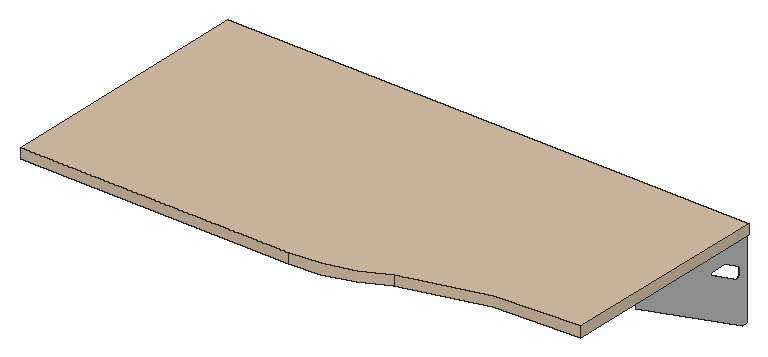
Revit family "Haworth_Compose_Worksurface_TransitionRectangular", category Furniture Systems, Revit 2018
Family settings
  Round Connector Dimension = Use Diameter
  Part Type = Normal
  OmniClass Number = 23.40.70.14.64.21
  OmniClass Title = Systems Furniture
  Work Plane-Based = No
  Always vertical = Yes
  Cut with Voids When Loaded = No
  Shared = No
  Room Calculation Point = No
Parameters (values of type "60w 24/30d")
  Worksurface Finish = Haworth _ Laminate _ Maple H-AE
  Worksurface Edge Finish = Haworth _ Laminate _ Maple H-AE
  Width = 60"
  Warranty = "http://www.haworth.com/resources/product-info/warranties"
  URL - Product = "http://www.haworth.com/products/workspaces/panel-based/compose"
  Transition Depth = Long Side Depth - Short Side Depth  # 6"
  Top Thickness = 1 3/16"  # constant formula
  Sustainability Info = "https://www.haworth.com/na/en/expertise/sustainability.html"
  Support Right [instance] = and(Right Leg, or(Support Panel, Support Post_90 Degree, Support Post_45 Degree, Support P Leg, Support Column, Cantilever Bracket))  # yes
  Support Post_90 Degree = no
  Support Post_45 Degree = no
  Support Panel = not(or(Support Post_90 Degree, Support Post_45 Degree, Support P Leg, Support Column, Cantilever Bracket))  # no
  Support P Leg = no
  Support Location_Side = if(Support Panel, 3/4", if(or(Support Post_90 Degree, Support Post_45 Degree), 3", if(Support Column, 6", if(Cantilever Bracket, 1 3/4", 1 3/4"))))  # 1 3/4"
  Support Location_Front_Back = 3"  # constant formula
  Support Left [instance] = and(Left Leg, or(Support Panel, Support Post_90 Degree, Support Post_45 Degree, Support P Leg, Support Column, Cantilever Bracket))  # yes
  Support Height = Actual Height - Top Thickness  # 27 13/16"
  Support Finish = Haworth _ Paint _ Metallic Champagne
  Support Column = no
  Short Side Depth = if([18in_24in Worksurface], 18", 24")  # 24"
  Right Leg [instance] = yes
  Radius 2 Center = if(Radius 2 = 30", 23 15/16", 41 123/128")  # 41 123/128"
  Radius 2 = if(or(Width = 42", and(Width > 42", Width < 60"), Width = 60"), 48", 30")  # 48"
  Radius 1 = if(or(Width = 42", and(Width > 42", Width < 60"), Width = 60"), 19", 12")  # 19"
  No Legs [instance] = not(or(Left Leg, Right Leg))  # no
  Model = "WURT"  # constant formula
  Min. Width = 24"  # constant formula
  Min. Height = 26"  # constant formula
  Max. Width = 60"  # constant formula
  Max. Height = 32"  # constant formula
  Long Side Depth = if([18in_24in Worksurface], 24", 30")  # 30"
  Left Leg [instance] = yes
  Height = 29"
  URL = "www.haworth.com"
  Size = "Verify Final Dim. w/ Haworth"  # constant formula
  Revision Number = "4"  # constant formula
  Min/Max Width = "24-60 in. @ 6 in. increments"  # constant formula
  Min/Max Height = "26-32 in."  # constant formula
  Manufacturer = "Haworth"  # constant formula
  End Support Location = if(Support Panel, 3/4", 1 3/4")  # 1 3/4"
  Description = "Haworth - Worksurface - Compose Transition - Rectangular"  # constant formula
  Custom Size = not(or(Width = 24", Width = 30", Width = 36", Width = 42", Width = 48", Width = 54", Width = 60"))  # no
  Cantilever Bracket Location = 1 3/4"  # constant formula
  Cantilever Bracket = yes
  Author = "SHAPE Environments, LLC"  # constant formula
  Assembly Code = "E2020200"
  Standard Depths = "18/24 in., 24/30 in."  # constant formula
  Actual Width = if(Width > Max. Width, Max. Width, if(Width < Min. Width, Min. Width, Width))  # 60"
  Actual Height = if(Height > Max. Height, Max. Height, if(Height < Min. Height, Min. Height, Height))  # 29"
  24in_30in Worksurface = not([18in_24in Worksurface])  # yes
  18in_24in Worksurface = no
Types (14): name | Width | Short Side Depth | Radius 2 Center | Radius 2 | Radius 1 | Long Side Depth | Actual Width | 24in_30in Worksurface | 18in_24in Worksurface
  60w 24/30d | 60" | 24" | 41 123/128" | 48" | 19" | 30" | 60" | yes | no
  54w 24/30d | 54" | 24" | 41 123/128" | 48" | 19" | 30" | 54" | yes | no
  48w 24/30d | 48" | 24" | 41 123/128" | 48" | 19" | 30" | 48" | yes | no
  42w 24/30d | 42" | 24" | 41 123/128" | 48" | 19" | 30" | 42" | yes | no
  36w 24/30d | 36" | 24" | 23 15/16" | 30" | 12" | 30" | 36" | yes | no
  30w 24/30d | 30" | 24" | 23 15/16" | 30" | 12" | 30" | 30" | yes | no
  24w 24/30d | 24" | 24" | 23 15/16" | 30" | 12" | 30" | 24" | yes | no
  60w 18/24d | 60" | 18" | 41 123/128" | 48" | 19" | 24" | 60" | no | yes
  54w 18/24d | 54" | 18" | 41 123/128" | 48" | 19" | 24" | 54" | no | yes
  48w 18/24d | 48" | 18" | 41 123/128" | 48" | 19" | 24" | 48" | no | yes
  42w 18/24d | 42" | 18" | 41 123/128" | 48" | 19" | 24" | 42" | no | yes
  36w 18/24d | 36" | 18" | 23 15/16" | 30" | 12" | 24" | 36" | no | yes
  30w 18/24d | 30" | 18" | 23 15/16" | 30" | 12" | 24" | 30" | no | yes
  24w 18/24d | 24" | 18" | 23 15/16" | 30" | 12" | 24" | 24" | no | yes
Reference planes (in)
  plane 1 "Center F/B": y = -6
  plane 2 "Floor": z = 0
  plane 3 "Center L/R": x = -0.75
  plane 4 "Table Edge Right": x = 29.25
  plane 5 "Table Edge Back": y = -15
  plane 6 "Table Edge Front": y = 9
  plane 7 "Table Top": z = 29
  plane 8 "Table Bottom": z = 27.8125
  plane 9 "Table Edge Left": x = -30.75
  plane 10: y = -21
  plane 11 "masking region": z = 27
  plane 12 "Short Side Centerline": y = -3
  plane 13 "Back Support Location": y = 6
  plane 14 "Short Side Support Location": x = 27.5
  plane 15 "Long Side Support Location": x = -29
  plane 16 "Front Support Location_Long Side": y = -18
  plane 17 "Front Support Location_Short Side": y = -12
  plane 18: x = 27.30872
  plane 19: y = -62.96094
Forms (in)
  Extrusion 1, solid, material "Haworth _ Laminate _ Maple H-AE" <- "Worksurface Finish"
    sketch origin (0, 0, 27.8125) x (0, -1, 0) y (1, 0, 0)
      loop
        line (-9, 29.25) -> (-9, -30.75) -> (21, -30.75) -> (21, 0.24851)
        arc (21, 0.24851) -> (20.28877, 5.39837) -> (18.20831, 10.16267) r 19
        arc (18.20831, 10.16267) -> (15.68541, 19.54843) -> (15.10486, 29.25) r 48
        line (15.10486, 29.25) -> (-9, 29.25)
    from 0 to 1.1875
Lines and regions (in)
  Masking region 1
    outline origin (0, 0, 0) x (1, 0, 0) y (0, 1, 0)
      loop
        line (29.25, 9) -> (-30.75, 9) -> (-30.75, -21) -> (0.24851, -21)
        arc (0.24851, -21) -> (5.39837, -20.28877) -> (10.16267, -18.20831) r 19
        arc (10.16267, -18.20831) -> (19.54843, -15.68541) -> (29.25, -15.10486) r 48
        line (29.25, -15.10486) -> (29.25, 9)
Dimensions and locks (in)
  "Actual Height": plane 7 "Table Top" to level
  "Top Thickness": plane 7 "Table Top" to plane 8 "Table Bottom"
  "Transition Depth": plane 5 "Table Edge Back" to plane 10
  "Actual Width": plane 9 "Table Edge Left" to plane 4 "Table Edge Right"
  equal spacing: plane 9 "Table Edge Left", plane 3 "Center L/R", plane 4 "Table Edge Right"
  locked: plane 7 "Table Top" to plane 11 "masking region" at 2
  equal spacing: plane 6 "Table Edge Front", plane 1 "Center F/B", plane 10
  "Long Side Depth": plane 6 "Table Edge Front" to plane 10
  equal spacing: plane 6 "Table Edge Front", plane 12 "Short Side Centerline", plane 5 "Table Edge Back"
  "Support Location_Side": plane 9 "Table Edge Left" to plane 15 "Long Side Support Location"
  "Support Location_Side": plane 14 "Short Side Support Location" to plane 4 "Table Edge Right"
  "Support Location_Front_Back": plane 17 "Front Support Location_Short Side" to plane 5 "Table Edge Back"
  "Support Location_Front_Back": plane 16 "Front Support Location_Long Side" to plane 10
  "Support Location_Front_Back": plane 6 "Table Edge Front" to plane 13 "Back Support Location"
  locked: plane 18 to plane 4 "Table Edge Right" at 1.94128
  "Radius 2 Center": plane 10 to plane 19
  "Radius 1": radius of Extrusion 1 sketch curve
  "Radius 2": radius of Extrusion 1 sketch curve
  aligned and locked: Extrusion 1 sketch curve to plane 4 "Table Edge Right"
  aligned and locked: Extrusion 1 sketch curve to plane 6 "Table Edge Front"
  aligned: Extrusion 1 to plane 9 "Table Edge Left"
  aligned and locked: plane 15 "Long Side Support Location" to nested 1
  aligned and locked: nested 1 to plane 1 "Center F/B"
  aligned and locked: plane 14 "Short Side Support Location" to nested 2
  aligned and locked: plane 12 "Short Side Centerline" to nested 2
  aligned and locked: plane 15 "Long Side Support Location" to nested 3
  aligned and locked: nested 3 to plane 13 "Back Support Location"
  aligned and locked: plane 15 "Long Side Support Location" to nested 4
  aligned and locked: nested 4 to plane 16 "Front Support Location_Long Side"
  aligned and locked: nested 5 to plane 13 "Back Support Location"
  aligned and locked: plane 14 "Short Side Support Location" to nested 5
  aligned and locked: plane 17 "Front Support Location_Short Side" to nested 6
  aligned and locked: plane 14 "Short Side Support Location" to nested 6
  aligned and locked: nested 8 to plane 12 "Short Side Centerline"
  aligned and locked: plane 14 "Short Side Support Location" to nested 8
  aligned and locked: plane 15 "Long Side Support Location" to nested 7
  aligned and locked: plane 1 "Center F/B" to nested 7
  aligned: Masking region 1 sketch curve to Extrusion 1  (x2)
  aligned and locked: Masking region 1 sketch curve to Extrusion 1  (x2)
  aligned and locked: plane 6 "Table Edge Front" to nested 9
  aligned: plane 4 "Table Edge Right" to nested 10
  aligned and locked: plane 6 "Table Edge Front" to nested 10
  aligned: nested 9 to plane 9 "Table Edge Left"
  aligned: nested 10 to plane 4 "Table Edge Right"
  aligned and locked: nested 9 to plane 15 "Long Side Support Location"
  aligned and locked: nested 10 to plane 14 "Short Side Support Location"
  aligned and locked: plane 8 "Table Bottom" to Extrusion 1
  aligned and locked: Extrusion 1 to plane 9 "Table Edge Left"
  aligned and locked: Extrusion 1 to plane 10
  aligned and locked: plane 4 "Table Edge Right" to Masking region 1
Automatic sketch dimensions
  Extrusion 1 sketch curve to plane 5 "Table Edge Back" = 0.10486"
  Extrusion 1 sketch curve to plane 16 "Front Support Location_Long Side" = 0.20831"
  Extrusion 1 sketch curve to plane 10 = 0"
  Extrusion 1 sketch curve to plane 9 "Table Edge Left" = 0"
  Masking region 1 sketch curve to plane 9 "Table Edge Left" = 0"
  plane 4 "Table Edge Right" to Masking region 1 sketch curve = 0"
  Extrusion 1 sketch curve to plane 19 = 0.10231"
Nested families (in)
  nested 1: "Haworth_Worksurface-Support_Part-End" at (-37.5, 1.86431, 0), visible <- "Left Leg", type "Support"
    with Support P Leg no, Leg Support no, Back Support Location 1"
  nested 2: "Haworth_Worksurface-Support_Part-End" at (19, 1.86431, 0), visible <- "Right Leg", type "Support 2"
    with Support P Leg no, Leg Support no, Back Support Location 1", Actual Depth 24"
  nested 3: "Haworth_Worksurface-Support_Part-Leg" at (-37.5, -15.23931, 0), visible <- "Left Leg", type "Support"
  nested 4: "Haworth_Worksurface-Support_Part-Leg" at (-37.5, 3.23931, 0), visible <- "Left Leg", type "Support"
  nested 5: "Haworth_Worksurface-Support_Part-Leg" at (19, 27.23931, 0), visible <- "Right Leg", type "Support"
  nested 6: "Haworth_Worksurface-Support_Part-Leg" at (19, -33.23931, 0), visible <- "Right Leg", type "Support"
  nested 7: "Haworth_Worksurface-Support_Part-Round" at (-29, -11.5, 0), visible <- "Left Leg", type "Base"
    with Support Column no, Disc Base no
  nested 8: "Haworth_Worksurface-Support_Part-Round" at (27.5, -8.5, 0), visible <- "Right Leg", type "Base"
    with Support Column no, Disc Base no
  nested 9: "Haworth_Worksurface-Support_Part-Cantilever-Compose" at (-39.07812, 1.86431, 0), visible <- "Support Left", type "Support"
  nested 10: "Haworth_Worksurface-Support_Part-Cantilever-Compose" at (37.57813, 1.86431, 0) x (-1, 0, 0) z (0, 0, 1), visible <- "Support Right", type "Support 2"
    with Actual Depth 24"
Definition of nested family "Haworth_Worksurface-Support_Part-Cantilever-Compose"
  Parameters
    Worksurface Height = 29"
    Worksurface Depth = 30"
    Warranty = ""
    URL - Product = ""
    URL = "www.haworth.com"
    Top Thickness = 1 3/16"
    Sustainability Info = ""
    Support Thickness = 3/32"  # constant formula
    Support Height = Actual Height - Top Thickness  # 27 13/16"
    Support Finish = none
    Support Depth = 16"  # constant formula
    Size = "Verify Final Dim. w/ Haworth"  # constant formula
    Revision Number = "1"  # constant formula
    Model = "Worksurface"
    Standard Height = "12.75 in."  # constant formula
    Standard Depth = "15.75 in."  # constant formula
    Min. Height = 20"  # constant formula
    Min. Depth = 18"  # constant formula
    Max. Height = 48"  # constant formula
    Max. Depth = 36"  # constant formula
    Manufacturer = "Haworth"  # constant formula
    LEED Data = ""
    Description = "Worksurface Support End"  # constant formula
    Cantilever Bracket = yes
    Bottom Strut Thickness = 1"  # constant formula
    Bottom Strut Location = 9"  # constant formula
    Author = "SHAPE Environments, LLC"  # constant formula
    Assembly Code = ""
    Actual Top Thickness = if(Top Thickness > 3", 3", if(Top Thickness < 1", 1", Top Thickness))  # 1 3/16"
    Actual Height = 29"
    Actual Depth = 30"
  Reference planes (in)
    plane 1: z = 0
    plane 2 "Center L/R": x = 8.5
    plane 3 "Support Left Edge": x = 8.45312
    plane 4 "Support Right Edge": x = 8.54688
    plane 5 "Back": y = 7.13569
    plane 6 "Front": y = -8.86431
    plane 7 "Support Top": z = 27.8125
  Forms (in)
    Extrusion 1, solid, material <- "Support Finish", visible <- "Cantilever Bracket"
      sketch origin (8.45312, 0, 0) x (0, -1, 0) y (0, 0, 1)
        loop
          line (-7.13569, 27.71875) -> (-7.13569, 18.71875) -> (-6.51069, 18.71875) -> (8.86431, 27.23304) -> (8.86431, 27.71875) -> (-7.13569, 27.71875)
        loop
          line (-2.13709, 26.21875) -> (-3.85577, 26.21875)
          arc (-3.85577, 26.21875) -> (-3.91832, 26.2108) -> (-3.97688, 26.18745) r 0.25
          line (-3.97688, 26.18745) -> (-5.94171, 25.09938)
          arc (-5.94171, 25.09938) -> (-5.99206, 25.0533) -> (-6.01069, 24.98764) r 0.125
          line (-6.01069, 24.98764) -> (-6.01069, 24.06204)
          arc (-6.01069, 24.06204) -> (-5.88914, 23.84756) -> (-5.64268, 23.84164) r 0.25
          line (-5.64268, 23.84164) -> (-2.03161, 25.84136)
          arc (-2.03161, 25.84136) -> (-1.94116, 26.07007) -> (-2.13709, 26.21875) r 0.20343
      from 0 to -0.09375
    Extrusion 2, solid, material <- "Support Finish", visible <- "Cantilever Bracket"
      sketch origin (0, 0, 27.8125) x (-1, 0, 0) y (0, -1, 0)
        loop
          line (-8.45313, -6.51069) -> (-8.45312, 8.86431) -> (-10.07812, 8.86431) -> (-10.07813, -6.51069) -> (-8.45313, -6.51069)
      from 0 to -0.09375
  Cuts and joins
    joined: Extrusion 1, Extrusion 2
  Lines and regions (in)
    symbolic lines, visible <- "Cantilever Bracket", detail levels fine
      curve 1: line (8.45312, 7.13569, 0) -> (8.54688, 7.13569, 0)
      curve 2: line (8.45312, -8.86431, 0) -> (8.45312, 7.13569, 0)
      curve 3: line (10.07813, -8.86431, 0) -> (8.45312, -8.86431, 0)
      curve 4: line (8.54688, 7.13569, 0) -> (8.54688, 6.51069, 0)
      curve 5: line (8.54688, 6.51069, 0) -> (10.07813, 6.51069, 0)
      curve 6: line (10.07813, 6.51069, 0) -> (10.07813, -8.86431, 0)
  Dimensions and locks (in)
    "Support Thickness": plane 3 "Support Left Edge" to plane 4 "Support Right Edge"
    equal spacing: plane 3 "Support Left Edge", plane 2 "Center L/R", plane 4 "Support Right Edge"
    "Support Depth": plane 5 "Back" to plane 6 "Front"
    "Support Height": plane 7 "Support Top" to level
    locked: Extrusion 1 sketch curve to Extrusion 1 sketch curve at 9
    locked: Extrusion 1 sketch curve to Extrusion 1 sketch curve at 1.125
    locked: Extrusion 1 sketch curve to Extrusion 1 sketch curve at 1.5
    aligned and locked: plane 4 "Support Right Edge" to Extrusion 1
    aligned and locked: plane 7 "Support Top" to Extrusion 2
  Automatic sketch dimensions
    Extrusion 2 sketch curve to plane 6 "Front" = 0"
    Extrusion 2 sketch curve to plane 3 "Support Left Edge" = 0"
    plane 4 "Support Right Edge" to Extrusion 2 sketch curve = 1 17/32"
    Extrusion 2 sketch curve to plane 5 "Back" = 5/8"
    Extrusion 1 sketch curve to plane 5 "Back" = 0"
    Extrusion 1 sketch curve to plane 6 "Front" = 0"
    Extrusion 1 sketch curve to plane 5 "Back" = 5/8"
    Extrusion 1 sketch curve to Extrusion 1 sketch curve = 0.06898"
    Extrusion 1 sketch curve to Extrusion 1 sketch curve = 1/8"
    Extrusion 1 sketch curve to Extrusion 1 sketch curve = 1/4"  (x2)
    Extrusion 1 sketch curve to Extrusion 1 sketch curve = 0.11801"
    Extrusion 1 sketch curve to Extrusion 1 sketch curve = 1 247/256"
    Extrusion 1 sketch curve to Extrusion 1 sketch curve = 31/256"
    Extrusion 1 sketch curve to Extrusion 1 sketch curve = 1.71868"
    Extrusion 1 sketch curve to Extrusion 1 sketch curve = 27/256"
    Extrusion 1 sketch curve to plane 7 "Support Top" = 9 3/32"
    Extrusion 1 sketch curve to Extrusion 1 sketch curve = 2.37711"
    Extrusion 1 sketch curve to Extrusion 1 sketch curve = 0.9256"
    Extrusion 1 sketch curve to Extrusion 1 sketch curve = 0.37739"
    Extrusion 1 sketch curve to Extrusion 1 sketch curve = 0.48571"
    curve 3 to plane 3 "Support Left Edge" = 0"
    curve 1 to plane 4 "Support Right Edge" = 0"
    curve 6 to plane 6 "Front" = 0"
    curve 4 to plane 5 "Back" = 0"
    curve 6 to plane 5 "Back" = 5/8"
    plane 4 "Support Right Edge" to curve 6 = 1 17/32"
Definition of nested family "Haworth_Worksurface-Support_Part-End"
  Parameters
    Worksurface Height = 29"
    Worksurface Depth = 30"
    Warranty = ""
    URL - Product = ""
    URL = "www.haworth.com"
    Top Thickness = 1 3/16"
    Sustainability Info = ""
    Support Thickness = if(Support Panel, 1 1/2", 2")  # 2"
    Support Panel = no
    Support P Leg = yes
    Support Height = Actual Height - Top Thickness  # 27 13/16"
    Support Finish = none
    Support Double Leg = no
    Size = "Verify Final Dim. w/ Haworth"  # constant formula
    Revision Number = "1"  # constant formula
    Model = "Worksurface"
    Min/Max Height = "26-32 in."  # constant formula
    Min/Max Depth = "18-36 in."  # constant formula
    Min. Height = 20"  # constant formula
    Min. Depth = 18"  # constant formula
    Max. Height = 48"  # constant formula
    Max. Depth = 36"  # constant formula
    Manufacturer = "Haworth"  # constant formula
    Leg Support = or(Support P Leg, Support Double Leg)  # yes
    LEED Data = ""
    Description = "Worksurface Support End"  # constant formula
    Bottom Strut Thickness = 1"  # constant formula
    Bottom Strut Location = 9"  # constant formula
    Back Support Location = if(Support P Leg, 0", 1")  # 0"
    Author = "SHAPE Environments, LLC"  # constant formula
    Assembly Code = ""
    Actual Top Thickness = if(Top Thickness > 3", 3", if(Top Thickness < 1", 1", Top Thickness))  # 1 3/16"
    Actual Height = 29"
    Actual Depth = 30"
  Reference planes (in)
    plane 1: z = 0
    plane 2 "Center L/R": x = 8.5
    plane 3 "Support Left Edge": x = 7.5
    plane 4 "Support Right Edge": x = 9.5
    plane 5 "Back": y = 7.13569
    plane 6 "Front": y = -22.86431
    plane 7 "Support Top": z = 27.8125
    plane 8 "Mid Strut Top": z = 21.5625
    plane 9 "Mid Strut Bottom": z = 20.8125
    plane 10 "Top Strut Bottom": z = 26.0625
    plane 11 "Front Support Exterior": y = -21.86431
    plane 12 "Front Support Interior": y = -20.86431
    plane 13 "Back Support Interior": y = 6.13569
    plane 14 "Back Support Exterior": y = 7.13569
    plane 15 "Center F/B": y = -7.86431
  Forms (in)
    Extrusion 1, solid, material <- "Support Finish", visible <- "Support Panel"
      sketch origin (0, 0, 0) x (1, 0, 0) y (0, 1, 0)
        loop
          line (7.5, 7.13569) -> (7.5, -22.86431) -> (9.5, -22.86431) -> (9.5, 7.13569) -> (7.5, 7.13569)
      from 0 to 27.8125
    Extrusion 2, solid, material <- "Support Finish", visible <- "Support P Leg"
      sketch origin (8.5, 0, 0) x (0, 1, 0) y (0, 0, 1)
        loop
          line (7.13569, 20.8125) -> (7.13569, 27.8125) -> (6.13569, 27.8125) -> (6.13569, 21.5625) -> (-20.86431, 21.5625) -> (-20.86431, 27.8125) -> (-21.86431, 27.8125) -> (-21.86431, 0) -> (-20.86431, 0) -> (-20.86431, 20.8125) -> (7.13569, 20.8125)
      from -1 to 1
    Extrusion 3, solid, material <- "Support Finish", visible <- "Support Double Leg"
      sketch origin (8.5, 0, 0) x (0, 1, 0) y (0, 0, 1)
        loop
          line (6.13569, 20.8125) -> (6.13569, 0) -> (7.13569, 0) -> (7.13569, 27.8125) -> (6.13569, 27.8125) -> (6.13569, 21.5625) -> (-20.86431, 21.5625) -> (-20.86431, 27.8125) -> (-21.86431, 27.8125) -> (-21.86431, 0) -> (-20.86431, 0) -> (-20.86431, 20.8125) -> (6.13569, 20.8125)
      from -1 to 1
    Extrusion 4, solid, material <- "Support Finish", visible <- "Leg Support"
      sketch origin (8.5, 0, 0) x (0, 1, 0) y (0, 0, 1)
        loop
          line (6.13569, 27.8125) -> (-20.86431, 27.8125) -> (-20.86431, 26.0625) -> (6.13569, 26.0625) -> (6.13569, 27.8125)
      from -0.625 to 0.625
  Lines and regions (in)
    symbolic lines, visible <- "Support Double Leg", detail levels fine
      curve 1: line (7.5, 7.13569, 0) -> (9.5, 7.13569, 0)
      curve 6: line (7.5, -21.86431, 0) -> (7.5, 7.13569, 0)
      curve 7: line (9.5, -21.86431, 0) -> (7.5, -21.86431, 0)
      curve 8: line (9.5, 7.13569, 0) -> (9.5, -21.86431, 0)
    symbolic lines, visible <- "Support Panel", detail levels fine
      curve 2: line (7.5, -22.86431, 0) -> (7.5, 7.13569, 0)
      curve 3: line (9.5, -22.86431, 0) -> (7.5, -22.86431, 0)
      curve 4: line (9.5, 7.13569, 0) -> (9.5, -22.86431, 0)
      curve 9: line (7.5, 7.13569, 0) -> (9.5, 7.13569, 0)
    symbolic lines, visible <- "Support P Leg", detail levels fine
      curve 5: line (7.5, 7.13569, 0) -> (9.5, 7.13569, 0)
      curve 10: line (7.5, -21.86431, 0) -> (7.5, 7.13569, 0)
      curve 11: line (9.5, -21.86431, 0) -> (7.5, -21.86431, 0)
      curve 12: line (9.5, 7.13569, 0) -> (9.5, -21.86431, 0)
  Dimensions and locks (in)
    "Support Thickness": plane 3 "Support Left Edge" to plane 4 "Support Right Edge"
    equal spacing: plane 3 "Support Left Edge", plane 2 "Center L/R", plane 4 "Support Right Edge"
    "Actual Depth": plane 5 "Back" to plane 6 "Front"
    locked: plane 7 "Support Top" to plane 10 "Top Strut Bottom" at 1.75
    "Support Height": plane 7 "Support Top" to level
    "Back Support Location": plane 5 "Back" to plane 14 "Back Support Exterior"
    locked: plane 14 "Back Support Exterior" to plane 13 "Back Support Interior" at 1
    plane 12 "Front Support Interior" to plane 11 "Front Support Exterior" to plane 6 "Front" = 1" locked, 1" locked
    plane 7 "Support Top" to plane 9 "Mid Strut Bottom" = 7"
    locked: plane 8 "Mid Strut Top" to plane 9 "Mid Strut Bottom" at 0.75
    equal spacing: plane 5 "Back", plane 15 "Center F/B", plane 6 "Front"
    aligned and locked: plane 3 "Support Left Edge" to Extrusion 1 sketch curve
    aligned and locked: Extrusion 1 sketch curve to plane 5 "Back"
    aligned and locked: plane 6 "Front" to Extrusion 1 sketch curve
    aligned and locked: Extrusion 1 sketch curve to plane 4 "Support Right Edge"
    aligned and locked: plane 7 "Support Top" to Extrusion 1
    aligned: Extrusion 1 to level
    aligned and locked: Extrusion 1 to plane 7 "Support Top"
    aligned and locked: Extrusion 1 to plane 1
    aligned and locked: plane 1 to Extrusion 1
    aligned and locked: plane 9 "Mid Strut Bottom" to Extrusion 2 sketch curve
    aligned and locked: plane 8 "Mid Strut Top" to Extrusion 2 sketch curve
    aligned and locked: plane 12 "Front Support Interior" to Extrusion 2 sketch curve
    aligned and locked: plane 11 "Front Support Exterior" to Extrusion 2 sketch curve
    aligned and locked: plane 7 "Support Top" to Extrusion 2 sketch curve
    aligned and locked: level to Extrusion 2 sketch curve
    aligned and locked: plane 13 "Back Support Interior" to Extrusion 3 sketch curve
    aligned and locked: Extrusion 3 sketch curve to plane 13 "Back Support Interior"
    aligned and locked: Extrusion 3 sketch curve to plane 14 "Back Support Exterior"
    aligned and locked: Extrusion 3 sketch curve to plane 7 "Support Top"  (x2)
    aligned and locked: Extrusion 3 sketch curve to plane 11 "Front Support Exterior"
    aligned and locked: Extrusion 3 sketch curve to plane 12 "Front Support Interior"  (x2)
    aligned and locked: Extrusion 3 sketch curve to plane 9 "Mid Strut Bottom"
    aligned and locked: Extrusion 3 sketch curve to plane 8 "Mid Strut Top"
    aligned and locked: plane 3 "Support Left Edge" to Extrusion 3
    aligned and locked: plane 3 "Support Left Edge" to Extrusion 2
    aligned and locked: plane 4 "Support Right Edge" to Extrusion 3
    aligned and locked: plane 4 "Support Right Edge" to Extrusion 2
    aligned and locked: plane 13 "Back Support Interior" to Extrusion 2 sketch curve
    aligned and locked: Extrusion 2 sketch curve to plane 14 "Back Support Exterior"
    aligned and locked: plane 13 "Back Support Interior" to Extrusion 4 sketch curve
    aligned and locked: plane 10 "Top Strut Bottom" to Extrusion 4 sketch curve
    aligned and locked: plane 7 "Support Top" to Extrusion 4 sketch curve
    aligned and locked: plane 12 "Front Support Interior" to Extrusion 4 sketch curve
  Automatic sketch dimensions
    Extrusion 2 sketch curve to Extrusion 2 sketch curve = 0"
    Extrusion 2 sketch curve to plane 7 "Support Top" = 0"
    Extrusion 3 sketch curve to level = 0"  (x2)
    curve 10 to plane 3 "Support Left Edge" = 0"
    curve 7 to plane 4 "Support Right Edge" = 0"
    curve 3 to plane 6 "Front" = 0"
    plane 11 "Front Support Exterior" to curve 11 = 0"
    curve 9 to plane 5 "Back" = 0"
Definition of nested family "Haworth_Worksurface-Support_Part-Leg"
  Parameters
    Top Thickness = 1 3/16"
    Support Post Standard = no
    Support Post 45 Degree = no
    Support Height = Actual Height - Top Thickness  # 27 13/16"
    Model = "Worksurface"
    Worksurface Height = 29"
    Warranty = "www.haworth.com/en-us/Products/Pages/Certifications.aspx"
    URL - Product = "www.haworth.com/en-us/Products/Furniture/Systems/Desking-Systems/Pages/Compose.aspx"
    URL = "www.haworth.com"
    Sustainability Info = "www.haworth.com/en-us/About-Us/Sustainability/Pages/Vision.aspx"
    Support Finish = none
    Size = "Verify Final Dim. w/ Haworth"  # constant formula
    Revision Number = "1"  # constant formula
    Min/Max Height = "26-32 in."  # constant formula
    Min. Height = 20"  # constant formula
    Max. Height = 48"  # constant formula
    Manufacturer = "Haworth"  # constant formula
    LEED Data = "www.haworth.com/_layouts/Haworth.ProductCatalog/Handlers/GetAsset.ashx/ComposeLEEDContributions.pdf?cid=27&rid=1824&type=Leed"
    Description = "Worksurface Support"  # constant formula
    Author = "SHAPE Environments, LLC"  # constant formula
    Assembly Code = "E2020200"
    Actual Top Thickness = if(Top Thickness > 3", 3", if(Top Thickness < 1", 1", Top Thickness))  # 1 3/16"
    Actual Height = 29"
  Reference planes (in)
    plane 1: z = 0
    plane 2 "Center L/R": x = 8.5
    plane 3 "Support Top": z = 27.8125
    plane 4 "Center F/B": y = -21.23931
  Forms (in)
    Extrusion 1, solid, material <- "Support Finish", visible <- "Support Post Standard"
      sketch origin (0, 0, 0) x (1, 0, 0) y (0, 1, 0)
        loop
          line (7.75, -22.86431) -> (9.25, -22.86431) -> (9.25, -19.61431) -> (7.75, -19.61431) -> (7.75, -22.86431)
      from 0 to 27.8125
    Extrusion 2, solid, material <- "Support Finish", visible <- "Support Post 45 Degree"
      sketch origin (17.50805, -0.21044, 0) x (0.707107, -0.707107, 0) y (0.707107, 0.707107, 0)
        loop
          line (7.75, -22.86431) -> (9.25, -22.86431) -> (9.25, -19.61431) -> (7.75, -19.61431) -> (7.75, -22.86431)
      from 0 to 27.8125
  Lines and regions (in)
    symbolic lines, visible <- "Support Post Standard", detail levels fine
      curve 1: line (7.75, -19.61431, 0) -> (9.25, -19.61431, 0)
      curve 2: line (7.75, -22.86431, 0) -> (7.75, -19.61431, 0)
      curve 3: line (9.25, -22.86431, 0) -> (7.75, -22.86431, 0)
      curve 4: line (9.25, -19.61431, 0) -> (9.25, -22.86431, 0)
    symbolic lines, visible <- "Support Post 45 Degree", detail levels fine
      curve 5: line (6.82062, -21.85803, 0) -> (9.11872, -19.55993, 0)
      curve 6: line (9.11872, -19.55993, 0) -> (10.17938, -20.62059, 0)
      curve 7: line (10.17938, -20.62059, 0) -> (7.88128, -22.91869, 0)
      curve 8: line (7.88128, -22.91869, 0) -> (6.82062, -21.85803, 0)
  Dimensions and locks (in)
    "Support Height": plane 3 "Support Top" to level
    aligned and locked: plane 3 "Support Top" to Extrusion 1
    aligned and locked: plane 3 "Support Top" to Extrusion 2
  Automatic sketch dimensions
    Extrusion 1 sketch curve to plane 4 "Center F/B" = 1 5/8"
    plane 2 "Center L/R" to Extrusion 1 sketch curve = 3/4"
    Extrusion 1 sketch curve to plane 2 "Center L/R" = 3/4"
    plane 4 "Center F/B" to Extrusion 1 sketch curve = 1 5/8"
    plane 2 "Center L/R" to Extrusion 2 sketch curve = 0.61872"
    Extrusion 2 sketch curve to plane 4 "Center F/B" = 1.67938"
    Extrusion 2 sketch curve to Extrusion 2 sketch curve = 1 1/2"
    Extrusion 2 sketch curve to Extrusion 2 sketch curve = 3 1/4"
    plane 4 "Center F/B" to curve 5 = 0.61872"
    curve 2 to plane 2 "Center L/R" = 3/4"
    curve 2 to curve 7 = 0.13128"
    plane 2 "Center L/R" to curve 6 = 0.61872"
    curve 5 to curve 4 = 0.13128"
    curve 6 to plane 4 "Center F/B" = 0.61872"
    curve 1 to curve 6 = 0.92938"
    curve 7 to curve 2 = 0.05438"
    curve 1 to curve 5 = 0.05438"
Definition of nested family "Haworth_Worksurface-Support_Part-Round"
  Parameters
    Warranty = ""
    URL - Product = ""
    URL = "www.haworth.com"
    Support Column = yes
    Leg Height = 27 13/16"
    Disc Radius = 10 1/2"
    Disc Base = yes
    Base Finish = none
    Sustainability Info = ""
    Size = "Verify Final Dim. w/ Haworth"  # constant formula
    Revision Number = ""
    OmniClass Number = ""
    Material Options = ""
    Manufacturer = "Haworth"  # constant formula
    LEED Data = ""
    Author = "SHAPE Environments, LLC"  # constant formula
    Assembly Code = ""
  Reference planes (in)
    plane 1 "Center F/B": y = 5.5
    plane 2: z = 0
    plane 3 "Center L/R": x = 0
    plane 4 "Table Bottom": z = 27.8125
  Forms (in)
    Revolve 1, solid, material <- "Base Finish", visible <- "Disc Base"
      sketch origin (0, 5.5, 0) x (1, 0, 0) y (0, 0, 1)
        loop
          line (0, 27.8125) -> (-1.5, 27.8125) -> (-1.5, 1.25) -> (-3.53244, 1.25) -> (-4.28244, 0.5) -> (-10.5, 0.5) -> (-10.5, 0) -> (0, 0) -> (0, 27.8125)
        axis (0, 27.8125) -> (0, 0)
      angle from 0 to 360
    Revolve 2, solid, material <- "Base Finish", visible <- "Support Column"
      sketch origin (0, 5.5, 0) x (1, 0, 0) y (0, 0, 1)
        loop
          line (0, 27.8125) -> (-1.5, 27.8125) -> (-1.5, 0) -> (0, 0) -> (0, 27.8125)
        axis (0, 27.8125) -> (0, 0)
      angle from 0 to 360
  Lines and regions (in)
    symbolic lines, visible <- "Disc Base", detail levels fine
      curve 1: circle (0, 5.5, 0) r 10.5 normal (0, 0, 1)
      curve 3: circle (0, 5.5, 0) r 1.5 normal (0, 0, 1)
    symbolic lines, visible <- "Support Column", detail levels fine
      curve 2: circle (0, 5.5, 0) r 1.5 normal (0, 0, 1)
  Dimensions and locks (in)
    "Disc Radius": plane 3 "Center L/R" to Revolve 1 sketch curve
    "Leg Height": plane 4 "Table Bottom" to level
    plane 3 "Center L/R" to Revolve 1 sketch curve = 1 1/2"
    locked: plane 3 "Center L/R" to Revolve 2 sketch curve at 1.5
    aligned and locked: Revolve 1 to plane 4 "Table Bottom"  (x2)
  Automatic sketch dimensions
    Revolve 1 sketch curve to level = 0"
    Revolve 1 sketch curve to plane 4 "Table Bottom" = 0"
    Revolve 1 sketch curve to plane 3 "Center L/R" = 0"  (x2)
    Revolve 1 sketch curve to Revolve 1 sketch curve = 2.03244"
    level to Revolve 1 sketch curve = 1/2"
    Revolve 1 sketch curve to Revolve 1 sketch curve = 3/4"
    Revolve 1 sketch curve to Revolve 1 sketch curve = 6.24462"
    level to Revolve 1 sketch curve = 1 1/4"
    Revolve 1 sketch curve to Revolve 1 sketch curve = 7.21204"
    Revolve 2 sketch curve to plane 4 "Table Bottom" = 0"
    Revolve 2 sketch curve to plane 3 "Center L/R" = 0"  (x2)
    Revolve 2 sketch curve to Revolve 2 sketch curve = 6.24462"
    Revolve 2 sketch curve to Revolve 2 sketch curve = 7.21204"
    Revolve 2 sketch curve to level = 0"
    curve 1 to curve 2 = 0"  (x2)
    curve 1 to curve 3 = 0"  (x2)
    curve 2 to curve 3 = 0"  (x2)
    plane 1 "Center F/B" to curve 2 = 0"
    curve 2 to plane 3 "Center L/R" = 0"
    radius of curve 1 = 10 1/2"
    radius of curve 2 = 1 1/2"
    radius of curve 3 = 1 1/2"
